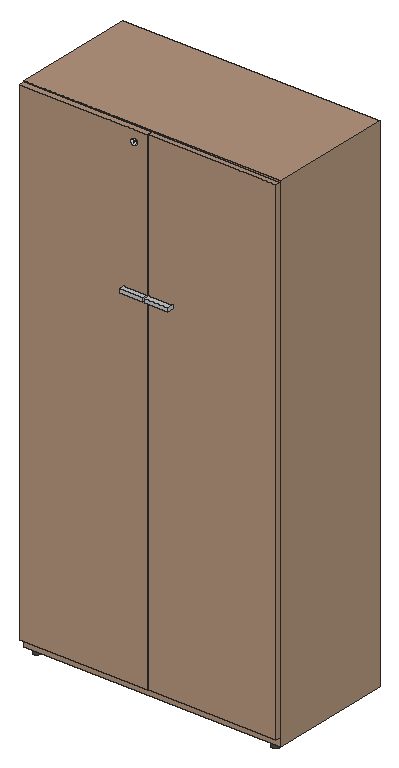
Revit family "Freestanding_Storage_&_Accessories-Teknion-RBCD_Storage_Cabinet-R2019", category Furniture, Revit 2019
Family settings
  OmniClass Number = 23.40.20.00
  OmniClass Title = General Furniture and Specialties
  Work Plane-Based = No
  Always vertical = Yes
  Cut with Voids When Loaded = No
  Shared = Yes
  Room Calculation Point = No
Parameters (values of type "18" Depth")
  Width [instance] = 36.000"
  Warranty = "http://www.teknion.com/ca/papers/legal-canada"
  Unit Weight URL = "http://www.teknion.com/ca/tools/assets#&asset=bee6a381-b954-425e-8283-5a2de3a804f2,f828d448-4b62-4231-9e5f-9a8991c0ed77"
  URL = "www.teknion.com"
  To render please download texture images found here [instance] = "https://assets.teknion.com/web/5e81352c1dfdb467/revit-material-swatches/"
  Sustainability Data = "https://www.teknion.com/ca/tools/assets#&topic=216f99a5-57a0-44fc-b10a-9dee9b29ae4c&asset=444deb64-fe58-4b68-981e-f75e97781df7,b4ff2d81-9f2e-437d-9659-7cffb09c31cf"
  Series = "Expansion Desking"  # constant formula
  Pull Finish [instance] = Paint - Teknion - Mica - Platinum
  Product Page URL = "https://www.teknion.com/ca/products/product-details?productLineId=2b4e336e-8e7a-673b-a6c8-ff00004460c4"
  Product Line = "Expansion Desking"  # constant formula
  Product Documentation Link = "https://www.teknion.com/pricing/expansion-desking/pdfs/RBCD_ppg.pdf"
  Part Number = "RBCD"  # constant formula
  Model = "RBCD18____"
  Manufacturer Phone = "416-661-3370"  # constant formula
  Manufacturer Fax = "416.661.4586"  # constant formula
  Manufacturer Contact Information = "http://www.teknion.com/ca/contactus"
  Manufacturer Address = "1150 Flint Road, Toronto, ON. M3J 2J5. Canada"  # constant formula
  Manufacturer = "Teknion"  # constant formula
  How To Use Teknion Materials User Guide [instance] = "https://assets.teknion.com/m/205dd0a49fa58060/original/How-to-add-a-Material-Library-and-Texture-Images-to-your-Revit-project.pdf"
  Height [instance] = 72.000"
  Handle Height [instance] = if(Height = 28.000", 20.041", if(Height = 40.000", 26.313", if(Height = 42.000", 26.313", if(Height = 51.000", 38.837", if(Height = 53.000", 38.793", if(Height = 66.000", 51.293", 51.305"))))))  # 51.305"
  For Additional Finishes please visit [instance] = "https://assets.teknion.com/m/44a8009b046e5d47/original/Teknion_Materials_Library.zip"
  Door Finish [instance] = Source Laminate - Teknion - 3M - Provincial Oak
  Description = "Storage Cabinet, 18 Depth"
  Depth = 18.000"
  Connection Node Visibility [instance] = yes
  Case Finish [instance] = Source Laminate - Teknion - 3M - Provincial Oak
  Available Widths [instance] = "24\", 30\", or 36\""  # constant formula
  Available Heights [instance] = if(Depth = 18.000", "28\",40\", 42\",51\", 53\", 66\", or 72\"", "28\", 42\", or 51\"")  # "28\",40\", 42\",51\", 53\", 66\", or 72\""
  Assembly Code = "E2020200"
  Actual Height [instance] = if(Height = 28.000", 27.441", if(Height = 40.000", 39.921", if(Height = 42.000", 42.000", if(Height = 51.000", 50.831", if(Height = 53.000", 52.402", if(Height = 66.000", 65.374", 71.626"))))))  # 71.626"
Types (4): name | Model | Height | Handle Height | Description | Depth | Available Heights | Actual Height
  (no name) | "RBCD18____" | 72.000" | 51.305" | "Storage Cabinet, 18 Depth" | 18.000" | "28\",40\", 42\",51\", 53\", 66\", or 72\"" | 71.626"
  18" Depth | "RBCD18____" | 72.000" | 51.305" | "Storage Cabinet, 18 Depth" | 18.000" | "28\",40\", 42\",51\", 53\", 66\", or 72\"" | 71.626"
  20" Depth | "RBCD20____" | 51.000" | 38.837" | "Storage Cabinet, 20\" Depth" | 20.000" | "28\", 42\", or 51\"" | 50.831"
  24" Depth | "RBCD24____" | 27.44094" | 51.305" | "Storage Cabinet, 24\" Depth" | 24.000" | "28\", 42\", or 51\"" | 71.626"
Reference planes (in)
  plane 1 "Center Front/Back": y = 0
  plane 2: z = 0
  plane 3 "Center Left/Right": x = 0
  plane 4 "Left": x = -18
  plane 5 "Right": x = 18
  plane 6 "Back": y = 9
  plane 7 "Front": y = -9
  plane 8 "Top": z = 71.626
Forms (in)
  Sweep 1, solid, material "Source Laminate - Teknion - 3M - Provincial Oak" <- "Case Finish"
    path origin (0, 0, 0) x (1, 0, 0) y (0, 0, 1)
      loop
        line (0, 0.60236) -> (0, 71.626)
    profile origin (0, 0, 36.11418) x (-1, 0, 0) y (0, -1, 0)
      loop
        line (18, -9) -> (18, 8.22047) -> (-18, 8.22047) -> (-18, -9) -> (18, -9)
  Sweep 2, solid, material "Source Laminate - Teknion - 3M - Provincial Oak" <- "Door Finish"
    path origin (0, 0, 0) x (1, 0, 0) y (0, 0, 1)
      loop
        line (0, 1.79528) -> (0, 71.50788)
    profile origin (0, 0, 36.65158) x (-1, 0, 0) y (0, -1, 0)
      loop
        line (17.94094, 8.29921) -> (17.94094, 9) -> (0.05906, 9) -> (0.05906, 8.29921) -> (17.94094, 8.29921)
      loop
        line (-0.05906, 8.29921) -> (-0.05906, 9) -> (-17.94095, 9) -> (-17.94095, 8.29921) -> (-0.05906, 8.29921)
  Sweep 3, solid, material "Paint - Teknion - Mica - Platinum" <- "Pull Finish"
    path origin (0, 0, 0) x (1, 0, 0) y (0, 0, 1)
      loop
        line (0, 51.305) -> (0, 50.805)
    profile origin (0, 0, 51.055) x (0, -1, 0) y (1, 0, 0)
      loop
        line (9, -3.4) -> (9.75197, -3.4) -> (9.75197, -0.11811) -> (9, -0.11811) -> (9, -3.4)
      loop
        line (9, 0.11811) -> (9.75197, 0.11811) -> (9.75197, 3.4) -> (9, 3.4) -> (9, 0.11811)
  Sweep 4, solid, material "Plastic - Teknion - E - Ebony"
    path origin (0, 0, 0) x (1, 0, 0) y (0, 0, 1)
      loop
        line (0, 0) -> (0, 0.60236)
    profile origin (0, 0, 0.30118) x (-1, 0, 0) y (0, -1, 0)
      loop
        circle (16.74016, 7.5748) r 0.5
      loop
        circle (16.74016, -8.35433) r 0.5
      loop
        circle (-16.74016, 7.5748) r 0.5
      loop
        circle (-16.74016, -8.35433) r 0.5
  Sweep 5, solid, material "Metal - Teknion - C6 - Chrome"
    path origin (0, 0, 0) x (1, 0, 0) y (0, 1, 0)
      loop
        line (0, -9.05906) -> (0, -9)
    profile origin (0, -9.02953, 0) x (-1, 0, 0) y (0, 0, 1)
      loop
        line (1.99803, 70.12008) -> (1.89961, 70.12008) -> (1.89961, 69.74606) -> (1.99803, 69.74606) -> (1.99803, 70.12008)
      loop
        circle (1.94882, 69.93307) r 0.3937
Lines and regions (in)
  Masking region 1
    outline origin (0, 0, 0) x (1, 0, 0) y (0, 1, 0)
      loop
        line (18, 9) -> (-18, 9) -> (-18, -8.22047) -> (18, -8.22047) -> (18, 9)
  Masking region 2
    outline origin (0, 0, 0) x (1, 0, 0) y (0, 1, 0)
      loop
        line (-0.05906, -8.29921) -> (-17.94094, -8.29921) -> (-17.94094, -9) -> (-0.05906, -9) -> (-0.05906, -8.29921)
      loop
        line (17.94095, -8.29921) -> (0.05906, -8.29921) -> (0.05906, -9) -> (17.94095, -9) -> (17.94095, -8.29921)
  Masking region 3
    outline origin (0, 0, 0) x (1, 0, 0) y (0, 1, 0)
      loop
        line (-3.4, -9.75197) -> (-0.11811, -9.75197) -> (-0.11811, -9) -> (-3.4, -9) -> (-3.4, -9.75197)
      loop
        line (0.11811, -9.75197) -> (3.4, -9.75197) -> (3.4, -9) -> (0.11811, -9) -> (0.11811, -9.75197)
  reference lines
    curve 1: line (-18, 9, 0) -> (-18, -9, 0)
    curve 2: line (-18, 9, 0) -> (18, 9, 0)
    curve 3: line (18, 9, 0) -> (18, -9, 0)
    curve 4: line (-18, -9, 0) -> (18, -9, 0)
  symbolic lines, style "FurnitureHiddenLines", detail levels fine
    curve 5: arc (-17.24016, 8.35433, 0) -> (-16.74016, 8.85433, 0) -> (-16.24016, 8.35433, 0) r 0.5
    curve 6: arc (-16.24016, 8.35433, 0) -> (-16.74016, 7.85433, 0) -> (-17.24016, 8.35433, 0) r 0.5
    curve 7: arc (16.24016, 8.35433, 0) -> (16.74016, 8.85433, 0) -> (17.24016, 8.35433, 0) r 0.5
    curve 8: arc (17.24016, 8.35433, 0) -> (16.74016, 7.85433, 0) -> (16.24016, 8.35433, 0) r 0.5
    curve 9: arc (-17.24016, -7.5748, 0) -> (-16.74016, -7.0748, 0) -> (-16.24016, -7.5748, 0) r 0.5
    curve 10: arc (-16.24016, -7.5748, 0) -> (-16.74016, -8.0748, 0) -> (-17.24016, -7.5748, 0) r 0.5
    curve 11: arc (16.24016, -7.5748, 0) -> (16.74016, -7.0748, 0) -> (17.24016, -7.5748, 0) r 0.5
    curve 12: arc (17.24016, -7.5748, 0) -> (16.74016, -8.0748, 0) -> (16.24016, -7.5748, 0) r 0.5
  symbolic lines
    curve 13: line (-1.55512, -9.05906, 0) -> (-2.34252, -9.05906, 0)
    curve 14: line (-2.34252, -9.05906, 0) -> (-2.34252, -9, 0)
    curve 15: line (-1.55512, -9.05906, 0) -> (-1.55512, -9, 0)
Dimensions and locks (in)
  "Width": plane 4 "Left" to plane 5 "Right"
  "Depth": plane 6 "Back" to plane 7 "Front"
  "Actual Height": plane 8 "Top" to level
  equal spacing: plane 6 "Back", plane 1 "Center Front/Back", plane 7 "Front"
  equal spacing: plane 4 "Left", plane 3 "Center Left/Right", plane 5 "Right"
  locked: Sweep 1 sketch curve to level at 0.60236
  locked: plane 7 "Front" to Sweep 1 sketch curve at 0.77953
  locked: plane 8 "Top" to Sweep 2 sketch curve at 0.11812
  locked: Sweep 2 sketch curve to level at 1.79528
  locked: Sweep 2 sketch curve to plane 5 "Right" at 0.05905
  locked: plane 4 "Left" to Sweep 2 sketch curve at 0.05906
  Sweep 2 sketch curve to plane 3 "Center Left/Right" to Sweep 2 sketch curve = 0.05906" locked, 0.05906" locked
  locked: Sweep 3 sketch curve to Sweep 3 sketch curve at 0.5
  "Handle Height": Sweep 3 sketch curve to level
  Sweep 3 sketch curve to Sweep 3 sketch curve to plane 3 "Center Left/Right" to Sweep 3 sketch curve to Sweep 3 sketch curve = 3.28189" locked, 0.11811" locked, 0.11811" locked, 3.28189" locked
  Sweep 4 sketch curve to level to Sweep 4 sketch curve = 0.60236" locked, 0.000" locked
  plane 4 "Left" to Sweep 4 sketch curve to Sweep 4 sketch curve = 1.25984" locked, 0.000" locked
  Sweep 4 sketch curve to Sweep 4 sketch curve to plane 5 "Right" = 0.000" locked, 1.25984" locked
  plane 6 "Back" to Sweep 4 sketch curve to Sweep 4 sketch curve = 0.64567" locked, 0.000" locked
  plane 7 "Front" to Sweep 4 sketch curve to Sweep 4 sketch curve = 1.4252" locked, 0.000" locked
  Sweep 5 sketch curve to Sweep 5 sketch curve to plane 7 "Front" = 0.05906" locked, 0.000" locked
  plane 8 "Top" to Sweep 5 sketch curve to Sweep 5 sketch curve to Sweep 5 sketch curve = 1.50592" locked, 0.18701" locked, 0.18701" locked
  plane 3 "Center Left/Right" to Sweep 5 sketch curve to Sweep 5 sketch curve to Sweep 5 sketch curve = 1.89961" locked, 0.04921" locked, 0.04921" locked
  plane 7 "Front" to Sweep 2 sketch curve to Sweep 2 sketch curve = 0.70079" locked, 0.000" locked
  Sweep 3 sketch curve to Sweep 3 sketch curve to plane 7 "Front" = 0.000" locked, 0.75197" locked
  aligned and locked: level to plane 2
  aligned and locked: plane 8 "Top" to Sweep 1 sketch curve
  aligned and locked: plane 3 "Center Left/Right" to Sweep 1 sketch curve
  aligned and locked: Sweep 1 sketch curve to plane 6 "Back"
  aligned and locked: plane 5 "Right" to Sweep 1 sketch curve
  aligned and locked: plane 4 "Left" to Sweep 1 sketch curve
  aligned and locked: plane 3 "Center Left/Right" to Sweep 2 sketch curve
  aligned and locked: Sweep 3 sketch curve to plane 3 "Center Left/Right"
  aligned and locked: plane 3 "Center Left/Right" to Sweep 4 sketch curve
  aligned and locked: Masking region 1 sketch curve to Sweep 1  (x4)
  aligned and locked: Masking region 2 sketch curve to Sweep 2  (x8)
  aligned and locked: Masking region 3 sketch curve to Sweep 3  (x8)
  aligned and locked: plane 3 "Center Left/Right" to Sweep 5 sketch curve
  aligned and locked: curve 4 to plane 7 "Front"
  aligned and locked: curve 1 to plane 4 "Left"
  aligned and locked: plane 5 "Right" to curve 3
  aligned and locked: curve 2 to plane 6 "Back"
  aligned and locked: Sweep 1 to nested 1
  aligned and locked: nested 1 to plane 5 "Right"
  aligned and locked: nested 1 to plane 3 "Center Left/Right"
  aligned and locked: nested 2 to plane 4 "Left"
  aligned and locked: nested 2 to plane 3 "Center Left/Right"
  aligned and locked: nested 2 to Sweep 1
  aligned and locked: plane 4 "Left" to nested 3
  aligned and locked: nested 3 to plane 6 "Back"
  aligned and locked: nested 6 to plane 6 "Back"
  aligned and locked: nested 6 to plane 5 "Right"
  aligned and locked: nested 5 to plane 5 "Right"
  aligned and locked: plane 7 "Front" to nested 5
  aligned and locked: nested 4 to plane 7 "Front"
  aligned and locked: plane 4 "Left" to nested 4
  aligned and locked: Sweep 2 sketch curve to plane 7 "Front"  (x2)
  aligned and locked: plane 7 "Front" to Sweep 3 sketch curve  (x2)
  aligned and locked: curve 5 to Sweep 4
  aligned and locked: curve 6 to Sweep 4
  aligned and locked: curve 7 to Sweep 4
  aligned and locked: curve 8 to Sweep 4
  aligned and locked: curve 9 to Sweep 4
  aligned and locked: curve 10 to Sweep 4
  aligned and locked: curve 11 to Sweep 4
  aligned and locked: curve 12 to Sweep 4
  aligned and locked: curve 13 to Sweep 5
  aligned and locked: plane 7 "Front" to curve 14
  aligned and locked: plane 7 "Front" to curve 15
Automatic sketch dimensions
  curve 13 to plane 3 "Center Left/Right" = 2.34252"
  curve 13 to curve 15 = 0.7874"
  radius of Sweep 4 sketch curve = 0.500"  (x4)
  radius of Sweep 5 sketch curve = 0.3937"
Nested families (in)
  nested 1: "Door-Swing_Symbol-Teknion-2D" at (9, -8.22047, 0), type "Door-Swing_Symbol-Teknion-2D", detail levels fine
    with Swing Width 18.000", Door Thickness 0.701"
  nested 2: "Door-Swing_Symbol-Teknion-2D" at (-9, -8.22047, 0) x (-1, 0, 0) z (0, 0, 1), type "Door-Swing_Symbol-Teknion-2D", detail levels fine
    with Swing Width 18.000", Door Thickness 0.701"
  nested 3: "Teknion_2D_Node_Family-R2016" at (-18, 9, 0), visible <- "Connection Node Visibility", type "Teknion_2D_Node_Family-R2016"
  nested 4: "Teknion_2D_Node_Family-R2016" at (-18, -9, 0), visible <- "Connection Node Visibility", type "Teknion_2D_Node_Family-R2016"
  nested 5: "Teknion_2D_Node_Family-R2016" at (18, -9, 0), visible <- "Connection Node Visibility", type "Teknion_2D_Node_Family-R2016"
  nested 6: "Teknion_2D_Node_Family-R2016" at (18, 9, 0), visible <- "Connection Node Visibility", type "Teknion_2D_Node_Family-R2016"
Definition of nested family "Door-Swing_Symbol-Teknion-2D"
  Parameters (values of type "Door-Swing_Symbol-Teknion-2D")
    Swing Width [instance] = 13.4325"
    Door Thickness [instance] = 2.000"
    Assembly Code = ""
  Reference planes (in)
    plane 1 "Center (Front/Back)": y = 0
    plane 2: z = 0
    plane 3 "Center (Left/Right)": x = 0
    plane 4: x = -6.71625
    plane 5: x = 6.71625
  Lines and regions (in)
    Masking region 1, in view "Ref. Level"
      outline origin (0, 0, 0) x (1, 0, 0) y (0, 1, 0)
        loop
          line (4.71625, 0) -> (4.71625, -13.4325) -> (6.71625, -13.4325) -> (6.71625, 0) -> (4.71625, 0)
    detail lines, in view "Ref. Level"
      curve 1: line (6.71625, 0, 0) -> (6.71625, -13.4325, 0)
      curve 2: arc (-6.71625, 0, 0) -> (-2.78196, -9.49821, 0) -> (6.71625, -13.4325, 0) r 13.4325
  Dimensions and locks (in)
    equal spacing: plane 4, plane 3 "Center (Left/Right)", plane 5
    "Swing Width": plane 4 to plane 5
    "Swing Width": curve 1 to plane 1 "Center (Front/Back)"
    "Swing Width": Masking region 1 sketch curve to Masking region 1 sketch curve
    "Door Thickness": Masking region 1 sketch curve to Masking region 1 sketch curve
    "Swing Width": radius of curve 2
    aligned and locked: plane 1 "Center (Front/Back)" to curve 1
    aligned and locked: plane 1 "Center (Front/Back)" to Masking region 1 sketch curve
    aligned and locked: Masking region 1 sketch curve to plane 5
  Automatic sketch dimensions
    curve 2 to plane 4 = 0.000"
Definition of nested family "Teknion_2D_Node_Family-R2016"
  Reference planes (in)
    plane 1 "Center (Front/Back)": y = 0
    plane 2: z = 0
    plane 3 "Center (Left/Right)": x = 0
  Lines and regions (in)
    detail lines, in view "Ref. Level"
      curve 1: circle (0, 0, 0) r 1.25 normal (0, 0, 1)
      curve 2: line (1.91508, -1.91508, 0) -> (-1.91508, 1.91508, 0)
      curve 3: line (-1.91508, -1.91508, 0) -> (1.91508, 1.91508, 0)
